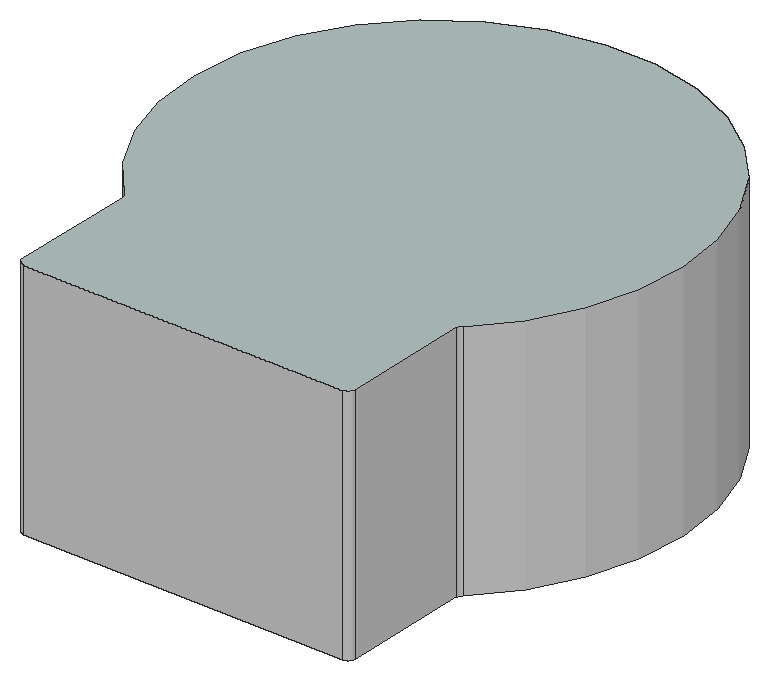
Revit family "Haworth_MangasOriginal_Pouf_Globo", category Furniture, Revit 2018
Family settings
  OmniClass Number = 23.35.50.27.11.11
  OmniClass Title = Access Floors, Frames
  Work Plane-Based = No
  Always vertical = Yes
  Cut with Voids When Loaded = No
  Shared = No
  Room Calculation Point = No
Parameters (values of type "HCGN-MOFG - Globo Pouf")
  Warranty = "http://www.haworth.com/resources/product-info/warranties"
  URL - Product = "https://www.haworth.com/products/seating/lounge-sofas-benches/mangas-original"
  URL = "http://www.haworth.com/our-brands/haworth-collection"
  Seat Finish Outer [instance] = Haworth _ Wool _ Mangas Original _ Red With Green ZV-A02 - Pouf
  Seat Finish Inner = Haworth _ Wool _ Mangas Original
  Revision Number = "1"  # constant formula
  Note = "Verify Final Dimensions w/ Haworth"  # constant formula
  Model = "HCGN-MOFG"  # constant formula
  Manufacturer = "Haworth"  # constant formula
  Description = "Haworth - Mangas Original - Globo Pouf"
  Author = "Haworth (Alias)"  # constant formula
  Assembly Code = "E2020200"
  Actual Width = 35 1/2"  # constant formula
  Actual Height = 17"  # constant formula
  Actual Depth = 39 1/2"  # constant formula
Reference planes (in)
  plane 1: z = 0
  plane 2 "Left": x = -7.77344
  plane 3 "Right": x = 27.72656
  plane 4 "Back": y = 10.92187
  plane 5 "Front": y = -28.57812
  plane 6 "Center FB": y = -8.82813
  plane 7 "Center LR": x = 9.97656
  plane 8: z = 17
Forms (in)
  Extrusion 1, solid, material "Haworth _ Wool _ Mangas Original" <- "Seat Finish Inner"
    sketch origin (0, 0, 0) x (1, 0, 0) y (0, 1, 0)
      loop
        line (-1.27344, -28.57813) -> (21.22656, -28.57813)
        arc (21.22656, -28.57813) -> (21.58012, -28.43168) -> (21.72656, -28.07813) r 0.5
        line (21.72656, -28.07813) -> (21.72656, -19.18326)
        arc (21.72656, -19.18326) -> (21.76695, -18.9864) -> (21.88157, -18.82134) r 0.5
        arc (21.88157, -18.82134) -> (9.97656, 10.92187) -> (-1.92845, -18.82134) r 17.25416
        arc (-1.92845, -18.82134) -> (-1.81382, -18.9864) -> (-1.77344, -19.18326) r 0.5
        line (-1.77344, -19.18326) -> (-1.77344, -28.07813)
        arc (-1.77344, -28.07813) -> (-1.62699, -28.43168) -> (-1.27344, -28.57813) r 0.5
    from 0 to 17
Lines and regions (in)
  Masking region 1
    outline origin (0, 0, 0) x (1, 0, 0) y (0, 1, 0)
      loop
        line (-1.27344, -28.57813) -> (21.22656, -28.57813)
        arc (21.22656, -28.57813) -> (21.58012, -28.43168) -> (21.72656, -28.07813) r 0.5
        line (21.72656, -28.07813) -> (21.72656, -18.96729)
        arc (21.72656, -18.96729) -> (9.97656, 10.92187) -> (-1.77344, -18.96729) r 17.25416
        line (-1.77344, -18.96729) -> (-1.77344, -28.07813)
        arc (-1.77344, -28.07813) -> (-1.62699, -28.43168) -> (-1.27344, -28.57813) r 0.5
Dimensions and locks (in)
  equal spacing: plane 4 "Back", plane 6 "Center FB", plane 5 "Front"
  "Actual Depth": plane 4 "Back" to plane 5 "Front"
  "Actual Width": plane 2 "Left" to plane 3 "Right"
  "Actual Height": plane 8 to plane 1
  equal spacing: plane 2 "Left", plane 7 "Center LR", plane 3 "Right"
  locked: plane 7 "Center LR" to Extrusion 1 sketch curve at 11.75
  locked: Extrusion 1 sketch curve to plane 7 "Center LR" at 11.75
  radius of Extrusion 1 sketch curve = 17.25416"
  aligned and locked: Extrusion 1 to plane 1
  aligned and locked: plane 8 to Extrusion 1
  aligned and locked: plane 5 "Front" to Masking region 1 sketch curve
  aligned and locked: plane 5 "Front" to Extrusion 1 sketch curve
Automatic sketch dimensions
  Masking region 1 sketch curve to plane 7 "Center LR" = 0"
  Masking region 1 sketch curve to plane 5 "Front" = 1/2"  (x2)
  plane 2 "Left" to Masking region 1 sketch curve = 6"
  plane 3 "Right" to Masking region 1 sketch curve = 6 1/2"
  Masking region 1 sketch curve to Masking region 1 sketch curve = 9.11084"
  plane 6 "Center FB" to Masking region 1 sketch curve = 2.49584"
  Extrusion 1 sketch curve to plane 7 "Center LR" = 0"
  Extrusion 1 sketch curve to Extrusion 1 sketch curve = 1/2"  (x3)
  Extrusion 1 sketch curve to Extrusion 1 sketch curve = 8.89487"
  plane 6 "Center FB" to Extrusion 1 sketch curve = 2.49584"
  Extrusion 1 sketch curve to Extrusion 1 sketch curve = 0.15501"
  Extrusion 1 sketch curve to Extrusion 1 sketch curve = 0"
